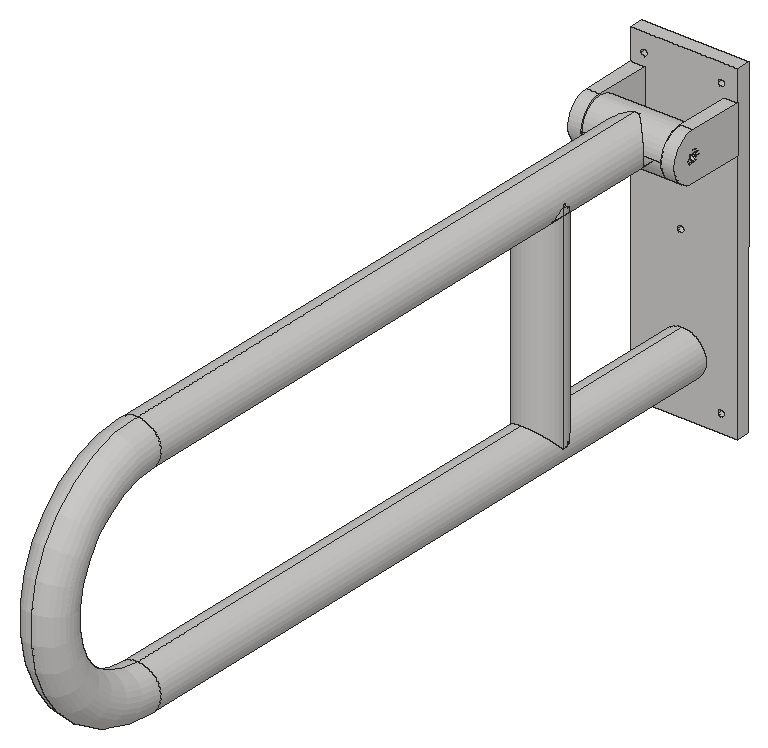
Revit family "DHGB0011_REVIT", category Generic Models, Revit 2017
Family settings
  Can host rebar = No
  Round Connector Dimension = Use Diameter
  Part Type = Normal
  Work Plane-Based = Yes
  Always vertical = No
  Cut with Voids When Loaded = No
  Shared = No
  Room Calculation Point = No
Parameters
  Website = "https://dolphy.in/"  # constant formula
  Model = "DHGB0011"  # constant formula
  Default Elevation = 1219.2 mm
  Contact number = "+91 9520202035"  # constant formula
  Contact email = "info@dolphy.in"  # constant formula
  Company name = "Dolphy India"  # constant formula
Reference planes
  plane 1 "Center (Front/Back)": y = 0
  plane 2: z = 0
  plane 3 "Center (Left/Right)": x = 0
Forms (mm)
  Extrusion 1, solid, material "Stainless Steel"
    sketch origin (-37.469, 0, 0) x (1, 0, 0) y (0, 0, 1)
      loop
        line (0, 0) -> (80, 0) -> (80, 250) -> (0, 250) -> (0, 0)
    from 0 to 10
  Extrusion 2, solid, material "Stainless Steel"
    sketch origin (-37.469, 0, 0) x (0, 1, 0) y (0, 0, 1)
      loop
        circle (-51.887, 208.855) r 17.5
    from 10 to 70
  Extrusion 3, solid, material "Stainless Steel"
    sketch origin (-37.469, 0, 0) x (0, 1, 0) y (0, 0, 1)
      loop
        spline (-51.762, 226.855) -> (-58.231, 225.67) -> (-62.598, 223.156) -> (-65.96, 219.658) -> (-68.231, 215.63) -> (-69.349, 211.637) -> (-69.542, 208.394) -> (-69.205, 205.798) -> (-68.463, 203.016) -> (-66.639, 199.418) -> (-63.204, 195.518) -> (-57.943, 192.399) -> (-51.762, 191.291)
        line (-51.762, 191.291) -> (-10, 191.291) -> (-10, 226.855) -> (-51.762, 226.855)
    from 0 to 10
  Extrusion 4, solid, material "Stainless Steel"
    sketch origin (42.531, 0, 0) x (0, 1, 0) y (0, 0, -1)
      loop
        line (-51.887, -226.855) -> (-10, -226.855) -> (-10, -191.291) -> (-51.887, -191.291)
        spline (-51.887, -191.291) -> (-58.068, -192.399) -> (-63.329, -195.518) -> (-66.764, -199.418) -> (-68.588, -203.016) -> (-69.33, -205.798) -> (-69.667, -208.394) -> (-69.474, -211.637) -> (-68.356, -215.63) -> (-66.085, -219.658) -> (-62.723, -223.156) -> (-58.356, -225.67) -> (-51.887, -226.855)
    from 0 to 10
  Sweep 5, solid, material "Stainless Steel"
    path origin (-37.469, 0, 0) x (0, 1, 0) y (0, 0, 1)
      loop
        line (-55.111, 208.791) -> (-522.5, 208.791)
        arc (-522.5, 208.791) -> (-605, 126.291) -> (-522.5, 43.791) r 82.5
        line (-522.5, 43.791) -> (-10, 43.791)
    profile origin (-37.469, -288.805, 208.791) x (0, 0, -1) y (1, 0, 0)
      loop
        circle (0, 38.75) r 17.5
  Extrusion 6, solid, material "Stainless Steel"
    sketch origin (-37.469, -133.75, 0) x (1, 0, 0) y (0, 1, 0)
      loop
        circle (38.75, -10) r 17.5
    from 44.358 to 208.855
  Extrusion 7, void
    sketch origin (-37.469, 0, 0) x (1, 0, 0) y (0, 0, 1)
      loop
        circle (68.168, 236.078) r 2.5
    from 0 to 20
  Extrusion 8, void
    sketch origin (-95.622, 0, 0) x (1, 0, 0) y (0, 0, 1)
      loop
        circle (68.168, 236.078) r 2.5
    from 0 to 20
  Extrusion 9, void
    sketch origin (-37.469, 0, -222.54) x (1, 0, 0) y (0, 0, 1)
      loop
        circle (68.168, 236.078) r 2.5
    from 0 to 20
  Extrusion 10, void
    sketch origin (-95.622, 0, -222.5) x (1, 0, 0) y (0, 0, 1)
      loop
        circle (68.168, 236.078) r 2.5
    from 0 to 20
  Extrusion 11, void
    sketch origin (-68.168, 0, -109.162) x (1, 0, 0) y (0, 0, 1)
      loop
        circle (68.168, 236.078) r 2.5
    from 0 to 20
  Extrusion 12, solid, material "Stainless Steel"
    sketch origin (-37.469, 0, 0) x (0, 1, 0) y (0, 0, 1)
      loop
        circle (-51.887, 208.855) r 5
    from 0 to 80
  Extrusion 13, void
    sketch origin (-37.469, 0, 0) x (0, 1, 0) y (0, 0, 1)
      loop
        circle (-51.887, 208.855) r 3.03
    from 0 to 80
Cuts and joins
  Extrusion 7, Extrusion 8, Extrusion 9, Extrusion 10, Extrusion 11 cuts Extrusion 1
  Extrusion 13 cuts Extrusion 2
  Extrusion 13 cuts Extrusion 3
  Extrusion 13 cuts Extrusion 4
  Extrusion 13 cuts Extrusion 12
Dimensions and locks
  Extrusion 1 sketch curve to Extrusion 1 sketch curve = 250 mm
  Extrusion 1 sketch curve to Extrusion 1 sketch curve = 80 mm
  aligned and locked: level to plane 2
